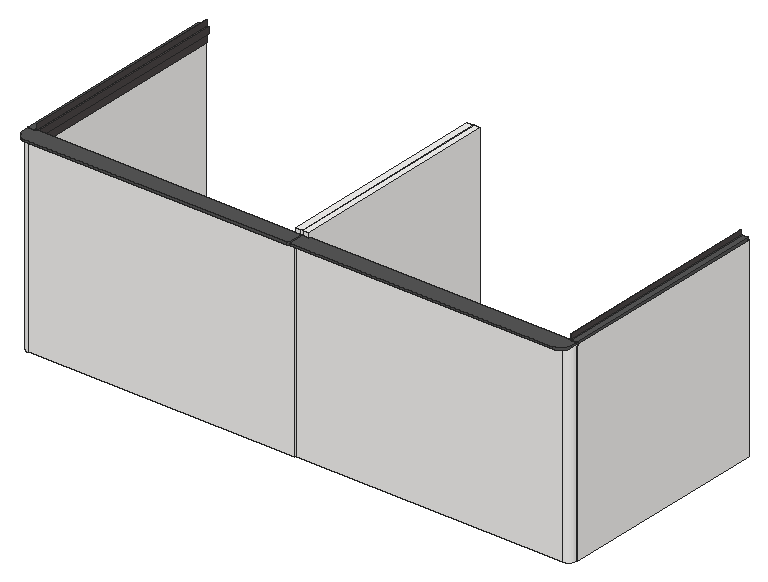
Revit family "vanity unit with 2 drawers for consoles with countertop basin ground", category Furniture, Revit 2019 (continued)
Definition of nested family "vanity unit 1360_550 with 2 drawers for consoles with countertop basin ground-54066670-high gloss white-matt_black-200_c"
  Parameters (values of type "Vanity unit 1360_550 with 2 drawers for consoles with countertop basin ground-54066670-High Gloss White-MATT_BLACK-200_C")
    Model = "Vanity unit 1360/550 with 2 drawers for consoles with countertop basin ground-54066670-High Gloss White-MATT_BLACK-200"
    Manufacturer = "Hansgrohe"
    MASTERFORMAT = "12 35 30.23 | Bathroom Casework"
    LODLEVEL = "200"
    LINA = "Vanity unit 1360/550 with 2 drawers for consoles with countertop basin ground-54066670-High Gloss White-MATT_BLACK-200"
    L = 1360
    IFC = "Furnishing element"
    GTINCODE = "4059625456378"
    ETIM = "EC011381 | Bathroom furniture set"
    Default Elevation = 1219.2 mm
    DESIGN = "Germany"
    ContentVisible [instance] = yes
    CATALOG = "Hansgrohe"
    BIMOBJECT = "Sanitary: Compound units"
    BASENUMBER = "Vanity unit 1360/550 with 2 drawers for consoles with countertop basin ground"
    ARTNR = "54066670"
  Reference planes
    plane 1 "Center (Front/Back)": y = 0
    plane 2: z = 0
    plane 3 "Center (Left/Right)": x = 0
  Forms (mm)
    Extrusion 1, solid, visible <- "ContentVisible", detail levels medium+fine
      sketch origin (0, 0, 0) x (1, 0, 0) y (0, 1, 0)
        loop
          line (-680, 0) -> (-680, -551) -> (680, -551) -> (680, 0) -> (664, 0) -> (664, -117) -> (-664, -117) -> (-664, 0) -> (-680, 0)
      from 0 to 480
    Extrusion 2, solid, visible <- "ContentVisible", detail levels medium+fine
      sketch origin (0, 0, 480) x (1, 0, 0) y (0, 1, 0)
        loop
          line (-678.5, -528.5) -> (-678.5, -571) -> (678.5, -571) -> (678.5, -528.5) -> (-678.5, -528.5)
      from 0 to 5
    Extrusion 3, solid, visible <- "ContentVisible", detail levels medium+fine
      sketch origin (0, 0, 0) x (1, 0, 0) y (0, 0, -1)
        loop
          line (-664, -447) -> (-664, -485) -> (-662.5, -485) -> (-662.5, -447) -> (-664, -447)
      from -528.5 to 0
    Extrusion 4, solid, visible <- "ContentVisible", detail levels medium+fine
      sketch origin (0, 0, 0) x (1, 0, 0) y (0, 0, -1)
        loop
          line (662.5, -446.8) -> (662.5, -485) -> (664, -485) -> (664, -446.8) -> (662.5, -446.8)
      from -528.5 to 0
    Extrusion 5, solid, visible <- "ContentVisible", detail levels medium+fine
      sketch origin (0, 0, 480) x (1, 0, 0) y (0, 1, 0)
        loop
          line (-680, 0) -> (-680, -530) -> (-664, -530) -> (-664, 0) -> (-680, 0)
      from 0 to 5
    Extrusion 6, solid, visible <- "ContentVisible", detail levels medium+fine
      sketch origin (0, 0, 480) x (1, 0, 0) y (0, 1, 0)
        loop
          line (664, 0) -> (664, -530) -> (680, -530) -> (680, 0) -> (664, 0)
      from 0 to 5
    Extrusion 7, solid, visible <- "ContentVisible", detail levels medium+fine
      sketch origin (0, 0, 0) x (1, 0, 0) y (0, 0, -1)
        loop
          line (-662.5, -447) -> (-662.5, -496) -> (-656.4, -496) -> (-656.4, -447) -> (-662.5, -447)
      from -528.5 to 0
    Extrusion 8, solid, visible <- "ContentVisible", detail levels medium+fine
      sketch origin (0, 0, 0) x (1, 0, 0) y (0, 0, -1)
        loop
          line (656.4, -447) -> (656.4, -496) -> (662.5, -496) -> (662.5, -447) -> (656.4, -447)
      from -528.5 to 0
    Extrusion 9, solid, visible <- "ContentVisible", detail levels coarse
      sketch origin (0, -285.5, 0) x (1, 0, 0) y (0, 1, 0)
        loop
          line (-680, -285.5) -> (680, -285.5) -> (680, 285.5) -> (-680, 285.5) -> (-680, -285.5)
      from 0 to 496
  Dimensions and locks
    aligned and locked: level to plane 2
Definition of nested family "vanity unit 1360_550 with 2 drawers for consoles with countertop basin ground-54066700-high gloss white-matt_white-200_c"
  Parameters (values of type "Vanity unit 1360_550 with 2 drawers for consoles with countertop basin ground-54066700-High Gloss White-MATT_WHITE-200_C")
    etim7_EC011381 = "EC011381"
    WEIGHT = "45.1"
    UNSPSC = "56 | Furniture and Furnishings"
    UNIFORMATII = "E2010 | Fixed Furnishings"
    UNICLASS_2015_CODE = "40_30_78_05"
    UNICLASS2015 = "Pr_40_30_78_05 | Bathroom furniture"
    SURFACE = "MATT_WHITE"
    REGIONSET = "Worldwide"
    PRODUCTURL = "https://pro.hansgrohe.com/articledetail--54066000"
    PRODUCTGROUP = "vanity unit"
    PRODUCTFAMILY = "Xelu Q"
    PERMALINK = "54066XXX"
    OMNICLASS = "23-21 19 15 33 13 | Residential Bathroom Specialty Casework"
    OBJECTTYPE = "Object (single object)"
    OBERFLAECHE = "High Gloss White"
    NN = "Vanity Unit with 2 Drawers for consoles with countertop basin ground"
    NBSYN = "$BASENUMBER.-$ARTNR.-$OBERFLAECHE.-$SURFACE.-$LODLEVEL."
    NB = "Vanity unit 1360/550 with 2 drawers for consoles with countertop basin ground-54066700-High Gloss White-MATT_WHITE-200"
    NAME = "Xelu Q Vanity unit High Gloss White 1360/550 with 2 drawers for consoles with countertop basin ground"
    Model = "Vanity unit 1360/550 with 2 drawers for consoles with countertop basin ground-54066700-High Gloss White-MATT_WHITE-200"
    Manufacturer = "Hansgrohe"
    MASTERFORMAT = "12 35 30.23 | Bathroom Casework"
    LODLEVEL = "200"
    LINA = "Vanity unit 1360/550 with 2 drawers for consoles with countertop basin ground-54066700-High Gloss White-MATT_WHITE-200"
    L = 1360
    IFC = "Furnishing element"
    GTINCODE = "4059625456378"
    ETIM = "EC011381 | Bathroom furniture set"
    Default Elevation = 1219.2 mm
    DESIGN = "Germany"
    ContentVisible [instance] = yes
    CATALOG = "Hansgrohe"
    BIMOBJECT = "Sanitary: Compound units"
    BASENUMBER = "Vanity unit 1360/550 with 2 drawers for consoles with countertop basin ground"
    ARTNR = "54066700"
  Reference planes
    plane 1 "Center (Front/Back)": y = 0
    plane 2: z = 0
    plane 3 "Center (Left/Right)": x = 0
  Forms (mm)
    Extrusion 1, solid, visible <- "ContentVisible", detail levels medium+fine
      sketch origin (0, 0, 0) x (1, 0, 0) y (0, 1, 0)
        loop
          line (-680, 0) -> (-680, -551) -> (680, -551) -> (680, 0) -> (664, 0) -> (664, -117) -> (-664, -117) -> (-664, 0) -> (-680, 0)
      from 0 to 480
    Extrusion 2, solid, visible <- "ContentVisible", detail levels medium+fine
      sketch origin (0, 0, 480) x (1, 0, 0) y (0, 1, 0)
        loop
          line (-678.5, -528.5) -> (-678.5, -571) -> (678.5, -571) -> (678.5, -528.5) -> (-678.5, -528.5)
      from 0 to 5
    Extrusion 3, solid, visible <- "ContentVisible", detail levels medium+fine
      sketch origin (0, 0, 0) x (1, 0, 0) y (0, 0, -1)
        loop
          line (-664, -447) -> (-664, -485) -> (-662.5, -485) -> (-662.5, -447) -> (-664, -447)
      from -528.5 to 0
    Extrusion 4, solid, visible <- "ContentVisible", detail levels medium+fine
      sketch origin (0, 0, 0) x (1, 0, 0) y (0, 0, -1)
        loop
          line (662.5, -446.8) -> (662.5, -485) -> (664, -485) -> (664, -446.8) -> (662.5, -446.8)
      from -528.5 to 0
    Extrusion 5, solid, visible <- "ContentVisible", detail levels medium+fine
      sketch origin (0, 0, 480) x (1, 0, 0) y (0, 1, 0)
        loop
          line (-680, 0) -> (-680, -530) -> (-664, -530) -> (-664, 0) -> (-680, 0)
      from 0 to 5
    Extrusion 6, solid, visible <- "ContentVisible", detail levels medium+fine
      sketch origin (0, 0, 480) x (1, 0, 0) y (0, 1, 0)
        loop
          line (664, 0) -> (664, -530) -> (680, -530) -> (680, 0) -> (664, 0)
      from 0 to 5
    Extrusion 7, solid, visible <- "ContentVisible", detail levels medium+fine
      sketch origin (0, 0, 0) x (1, 0, 0) y (0, 0, -1)
        loop
          line (-662.5, -447) -> (-662.5, -496) -> (-656.4, -496) -> (-656.4, -447) -> (-662.5, -447)
      from -528.5 to 0
    Extrusion 8, solid, visible <- "ContentVisible", detail levels medium+fine
      sketch origin (0, 0, 0) x (1, 0, 0) y (0, 0, -1)
        loop
          line (656.4, -447) -> (656.4, -496) -> (662.5, -496) -> (662.5, -447) -> (656.4, -447)
      from -528.5 to 0
    Extrusion 9, solid, visible <- "ContentVisible", detail levels coarse
      sketch origin (0, -285.5, 0) x (1, 0, 0) y (0, 1, 0)
        loop
          line (-680, -285.5) -> (680, -285.5) -> (680, 285.5) -> (-680, 285.5) -> (-680, -285.5)
      from 0 to 496
  Dimensions and locks
    aligned and locked: level to plane 2
Definition of nested family "vanity unit 1360_550 with 2 drawers for consoles with countertop basin ground-54066700-high gloss white-matt_white-400_c"
  Parameters (values of type "Vanity unit 1360_550 with 2 drawers for consoles with countertop basin ground-54066700-High Gloss White-MATT_WHITE-400_C")
    etim7_EC011381 = "EC011381"
    WEIGHT = "45.1"
    UNSPSC = "56 | Furniture and Furnishings"
    UNIFORMATII = "E2010 | Fixed Furnishings"
    UNICLASS_2015_CODE = "40_30_78_05"
    UNICLASS2015 = "Pr_40_30_78_05 | Bathroom furniture"
    SURFACE = "MATT_WHITE"
    REGIONSET = "Worldwide"
    PRODUCTURL = "https://pro.hansgrohe.com/articledetail--54066000"
    PRODUCTGROUP = "vanity unit"
    PRODUCTFAMILY = "Xelu Q"
    PERMALINK = "54066XXX"
    OMNICLASS = "23-21 19 15 33 13 | Residential Bathroom Specialty Casework"
    OBJECTTYPE = "Object (single object)"
    OBERFLAECHE = "High Gloss White"
    NN = "Vanity Unit with 2 Drawers for consoles with countertop basin ground"
    NBSYN = "$BASENUMBER.-$ARTNR.-$OBERFLAECHE.-$SURFACE.-$LODLEVEL."
    NB = "Vanity unit 1360/550 with 2 drawers for consoles with countertop basin ground-54066700-High Gloss White-MATT_WHITE-400"
    NAME = "Xelu Q Vanity unit High Gloss White 1360/550 with 2 drawers for consoles with countertop basin ground"
    Model = "Vanity unit 1360/550 with 2 drawers for consoles with countertop basin ground-54066700-High Gloss White-MATT_WHITE-400"
    Manufacturer = "Hansgrohe"
    MASTERFORMAT = "12 35 30.23 | Bathroom Casework"
    LODLEVEL = "400"
    LINA = "Vanity unit 1360/550 with 2 drawers for consoles with countertop basin ground-54066700-High Gloss White-MATT_WHITE-400"
    L = 1360
    IFC = "Furnishing element"
    GTINCODE = "4059625456378"
    ETIM = "EC011381 | Bathroom furniture set"
    Default Elevation = 1219.2 mm
    DESIGN = "Germany"
    ContentVisible [instance] = yes
    CATALOG = "Hansgrohe"
    BIMOBJECT = "Sanitary: Compound units"
    BASENUMBER = "Vanity unit 1360/550 with 2 drawers for consoles with countertop basin ground"
    ARTNR = "54066700"
  Reference planes
    plane 1 "Center (Front/Back)": y = 0
    plane 2: z = 0
    plane 3 "Center (Left/Right)": x = 0
  Forms (mm)
    Extrusion 1, solid, visible <- "ContentVisible", detail levels medium+fine
      sketch origin (0, 0, 0) x (1, 0, 0) y (0, 1, 0)
        loop
          line (-680, 0) -> (-680, -527)
          arc (-680, -527) -> (-679.121, -529.121) -> (-677, -530) r 3
          line (-677, -530) -> (-664, -530) -> (-664, 0) -> (-680, 0)
      from 0 to 480
    Extrusion 2, solid, visible <- "ContentVisible", detail levels medium+fine
      sketch origin (0, 0, 0) x (1, 0, 0) y (0, 1, 0)
        loop
          line (-664, -133) -> (-664, -499.5) -> (-16, -499.5) -> (-16, -133) -> (-664, -133)
      from 0 to 16
    Extrusion 3, solid, visible <- "ContentVisible", detail levels medium+fine
      sketch origin (0, 0, 0) x (1, 0, 0) y (0, 1, 0)
        loop
          line (-16, 0) -> (-16, -530) -> (-3, -530)
          arc (-3, -530) -> (-0.879, -529.121) -> (0, -527) r 3
          line (0, -527) -> (0, 0) -> (-16, 0)
      from 0 to 496
    Extrusion 4, solid, visible <- "ContentVisible", detail levels medium+fine
      sketch origin (0, 0, 0) x (1, 0, 0) y (0, 1, 0)
        loop
          line (0, 0) -> (0, -527)
          arc (0, -527) -> (0.879, -529.121) -> (3, -530) r 3
          line (3, -530) -> (16, -530) -> (16, 0) -> (0, 0)
      from 0 to 496
    Extrusion 5, solid, visible <- "ContentVisible", detail levels medium+fine
      sketch origin (0, 0, 0) x (1, 0, 0) y (0, 1, 0)
        loop
          line (16, -499.5) -> (664, -499.5) -> (664, -133) -> (16, -133) -> (16, -499.5)
      from 0 to 16
    Extrusion 6, solid, visible <- "ContentVisible", detail levels medium+fine
      sketch origin (0, 0, 0) x (1, 0, 0) y (0, 1, 0)
        loop
          line (664, 0) -> (664, -530) -> (677, -530)
          arc (677, -530) -> (679.121, -529.121) -> (680, -527) r 3
          line (680, -527) -> (680, 0) -> (664, 0)
      from 0 to 480
    Extrusion 7, solid, visible <- "ContentVisible", detail levels medium+fine
      sketch origin (0, 0, 0) x (1, 0, 0) y (0, 1, 0)
        loop
          line (-664, -117) -> (-664, -133) -> (664, -133) -> (664, -117) -> (-664, -117)
      from 0 to 126
    Extrusion 8, solid, visible <- "ContentVisible", detail levels medium+fine
      sketch origin (0, 0, 2) x (1, 0, 0) y (0, 1, 0)
        loop
          arc (-680, -532) -> (-674.435, -545.435) -> (-661, -551) r 19
          line (-661, -551) -> (-2.5, -551)
          arc (-2.5, -551) -> (-1.793, -550.707) -> (-1.5, -550) r 1
          line (-1.5, -550) -> (-1.5, -530) -> (-680, -530) -> (-680, -532)
      from 0 to 478
    Extrusion 9, solid, visible <- "ContentVisible", detail levels medium+fine
      sketch origin (0, 0, 2) x (1, 0, 0) y (0, 1, 0)
        loop
          arc (1.5, -550) -> (1.793, -550.707) -> (2.5, -551) r 1
          line (2.5, -551) -> (661, -551)
          arc (661, -551) -> (674.435, -545.435) -> (680, -532) r 19
          line (680, -532) -> (680, -530) -> (1.5, -530) -> (1.5, -550)
      from 0 to 478
    Extrusion 10, solid, visible <- "ContentVisible", detail levels medium+fine
      sketch origin (0, 0, 480) x (1, 0, 0) y (0, 1, 0)
        loop
          line (-678.5, -530) -> (-678.5, -546)
          arc (-678.5, -546) -> (-671.178, -563.678) -> (-653.5, -571) r 25
          line (-653.5, -571) -> (-4.5, -571)
          arc (-4.5, -571) -> (-2.379, -570.121) -> (-1.5, -568) r 3
          line (-1.5, -568) -> (-1.5, -528.5) -> (-658.5, -528.5) -> (-658.5, -530) -> (-678.5, -530)
      from 0 to 5
    Extrusion 11, solid, visible <- "ContentVisible", detail levels medium+fine
      sketch origin (0, 0, 480) x (1, 0, 0) y (0, 1, 0)
        loop
          arc (1.5, -568) -> (2.379, -570.121) -> (4.5, -571) r 3
          line (4.5, -571) -> (653.5, -571)
          arc (653.5, -571) -> (671.178, -563.678) -> (678.5, -546) r 25
          line (678.5, -546) -> (678.5, -530) -> (658.5, -530) -> (658.5, -528.5) -> (1.5, -528.5) -> (1.5, -568)
      from 0 to 5
    Extrusion 12, solid, visible <- "ContentVisible", detail levels medium+fine
      sketch origin (-1.5, 0, 0) x (0, 0, -1) y (0, 1, 0)
        loop
          line (-480, -528.5) -> (-480, -530) -> (-450, -530) -> (-450, -528.5) -> (-480, -528.5)
      from -664 to 0
    Extrusion 13, solid, visible <- "ContentVisible", detail levels medium+fine
      sketch origin (1.5, 0, 0) x (0, 0, -1) y (0, 1, 0)
        loop
          line (-480, -528.5) -> (-480, -530) -> (-450, -530) -> (-450, -528.5) -> (-480, -528.5)
      from 0 to 664
    Extrusion 14, solid, visible <- "ContentVisible", detail levels medium+fine
      sketch origin (0, 0, 0) x (1, 0, 0) y (0, 0, -1)
        loop
          line (-664, -447) -> (-664, -485) -> (-662.5, -485) -> (-662.5, -447) -> (-664, -447)
      from -528.5 to 0
    Extrusion 15, solid, visible <- "ContentVisible", detail levels medium+fine
      sketch origin (0, 0, 0) x (1, 0, 0) y (0, 0, -1)
        loop
          line (662.5, -446.8) -> (662.5, -485) -> (664, -485) -> (664, -446.8) -> (662.5, -446.8)
      from -528.5 to 0
    Extrusion 16, solid, visible <- "ContentVisible", detail levels medium+fine
      sketch origin (0, 0, 480) x (1, 0, 0) y (0, 1, 0)
        loop
          line (-680, -3) -> (-680, -527)
          arc (-680, -527) -> (-679.121, -529.121) -> (-677, -530) r 3
          line (-677, -530) -> (-664, -530) -> (-664, 0) -> (-677, 0)
          arc (-677, 0) -> (-679.121, -0.879) -> (-680, -3) r 3
      from 0 to 5
    Extrusion 17, solid, visible <- "ContentVisible", detail levels medium+fine
      sketch origin (0, 0, 480) x (1, 0, 0) y (0, 1, 0)
        loop
          line (664, 0) -> (664, -530) -> (677, -530)
          arc (677, -530) -> (679.121, -529.121) -> (680, -527) r 3
          line (680, -527) -> (680, -3)
          arc (680, -3) -> (679.121, -0.879) -> (677, 0) r 3
          line (677, 0) -> (664, 0)
      from 0 to 5
    Extrusion 18, solid, visible <- "ContentVisible", detail levels medium+fine
      sketch origin (0, 0, 0) x (1, 0, 0) y (0, 0, -1)
        loop
          line (-662.5, -447) -> (-662.5, -496) -> (-661, -496) -> (-661, -483) -> (-656.4, -483) -> (-656.4, -468.5) -> (-661, -468.5) -> (-661, -447) -> (-662.5, -447)
      from -525 to 0
    Extrusion 19, solid, visible <- "ContentVisible", detail levels medium+fine
      sketch origin (0, 0, 0) x (1, 0, 0) y (0, 0, -1)
        loop
          line (656.4, -468.5) -> (656.4, -483) -> (661, -483) -> (661, -496) -> (662.5, -496) -> (662.5, -447) -> (661, -447) -> (661, -468.5) -> (656.4, -468.5)
      from -525 to 0
    Extrusion 20, solid, visible <- "ContentVisible", detail levels medium+fine
      sketch origin (0, 0, 0) x (0, 0, -1) y (0, 1, 0)
        loop
          line (-440, -477) -> (-440, -493) -> (-366, -493) -> (-366, -477) -> (-440, -477)
      from -664 to 664
    Extrusion 21, solid, visible <- "ContentVisible", detail levels coarse
      sketch origin (0, -285.5, 0) x (1, 0, 0) y (0, 1, 0)
        loop
          line (-680, -285.5) -> (680, -285.5) -> (680, 285.5) -> (-680, 285.5) -> (-680, -285.5)
      from 0 to 496
  Dimensions and locks
    aligned and locked: level to plane 2
Definition of nested family "vanity unit 1360_550 with 2 drawers for consoles with countertop basin ground-54067000-diamond matt grey-chrome-200_cont"
  Parameters (values of type "Vanity unit 1360_550 with 2 drawers for consoles with countertop basin ground-54067000-Diamond Matt Grey-CHROME-200_Cont")
    etim7_EC011381 = "EC011381"
    WEIGHT = "45.1"
    UNSPSC = "56 | Furniture and Furnishings"
    UNIFORMATII = "E2010 | Fixed Furnishings"
    UNICLASS_2015_CODE = "40_30_78_05"
    UNICLASS2015 = "Pr_40_30_78_05 | Bathroom furniture"
    SURFACE = "CHROME"
    REGIONSET = "Worldwide"
    PRODUCTURL = "https://pro.hansgrohe.com/articledetail--54067000"
    PRODUCTGROUP = "vanity unit"
    PRODUCTFAMILY = "Xelu Q"
    PERMALINK = "54067XXX"
    OMNICLASS = "23-21 19 15 33 13 | Residential Bathroom Specialty Casework"
    OBJECTTYPE = "Object (single object)"
    OBERFLAECHE = "Diamond Matt Grey"
    NN = "Vanity Unit with 2 Drawers for consoles with countertop basin ground"
    NBSYN = "$BASENUMBER.-$ARTNR.-$OBERFLAECHE.-$SURFACE.-$LODLEVEL."
    NB = "Vanity unit 1360/550 with 2 drawers for consoles with countertop basin ground-54067000-Diamond Matt Grey-CHROME-200"
    NAME = "Xelu Q Vanity unit Diamond Matt Grey 1360/550 with 2 drawers for consoles with countertop basin ground"
    Model = "Vanity unit 1360/550 with 2 drawers for consoles with countertop basin ground-54067000-Diamond Matt Grey-CHROME-200"
    Manufacturer = "Hansgrohe"
    MASTERFORMAT = "12 35 30.23 | Bathroom Casework"
    LODLEVEL = "200"
    LINA = "Vanity unit 1360/550 with 2 drawers for consoles with countertop basin ground-54067000-Diamond Matt Grey-CHROME-200"
    L = 1360
    IFC = "Furnishing element"
    GTINCODE = "4059625456347"
    ETIM = "EC011381 | Bathroom furniture set"
    Default Elevation = 1219.2 mm
    DESIGN = "Germany"
    ContentVisible [instance] = yes
    CATALOG = "Hansgrohe"
    BIMOBJECT = "Sanitary: Compound units"
    BASENUMBER = "Vanity unit 1360/550 with 2 drawers for consoles with countertop basin ground"
    ARTNR = "54067000"
  Reference planes
    plane 1 "Center (Front/Back)": y = 0
    plane 2: z = 0
    plane 3 "Center (Left/Right)": x = 0
  Forms (mm)
    Extrusion 1, solid, visible <- "ContentVisible", detail levels medium+fine
      sketch origin (0, 0, 0) x (1, 0, 0) y (0, 1, 0)
        loop
          line (-680, 0) -> (-680, -551) -> (680, -551) -> (680, 0) -> (664, 0) -> (664, -117) -> (-664, -117) -> (-664, 0) -> (-680, 0)
      from 0 to 480
    Extrusion 2, solid, visible <- "ContentVisible", detail levels medium+fine
      sketch origin (0, 0, 480) x (1, 0, 0) y (0, 1, 0)
        loop
          line (-678.5, -528.5) -> (-678.5, -571) -> (678.5, -571) -> (678.5, -528.5) -> (-678.5, -528.5)
      from 0 to 5
    Extrusion 3, solid, visible <- "ContentVisible", detail levels medium+fine
      sketch origin (0, 0, 0) x (1, 0, 0) y (0, 0, -1)
        loop
          line (-664, -447) -> (-664, -485) -> (-662.5, -485) -> (-662.5, -447) -> (-664, -447)
      from -528.5 to 0
    Extrusion 4, solid, visible <- "ContentVisible", detail levels medium+fine
      sketch origin (0, 0, 0) x (1, 0, 0) y (0, 0, -1)
        loop
          line (662.5, -446.8) -> (662.5, -485) -> (664, -485) -> (664, -446.8) -> (662.5, -446.8)
      from -528.5 to 0
    Extrusion 5, solid, visible <- "ContentVisible", detail levels medium+fine
      sketch origin (0, 0, 480) x (1, 0, 0) y (0, 1, 0)
        loop
          line (-680, 0) -> (-680, -530) -> (-664, -530) -> (-664, 0) -> (-680, 0)
      from 0 to 5
    Extrusion 6, solid, visible <- "ContentVisible", detail levels medium+fine
      sketch origin (0, 0, 480) x (1, 0, 0) y (0, 1, 0)
        loop
          line (664, 0) -> (664, -530) -> (680, -530) -> (680, 0) -> (664, 0)
      from 0 to 5
    Extrusion 7, solid, visible <- "ContentVisible", detail levels medium+fine
      sketch origin (0, 0, 0) x (1, 0, 0) y (0, 0, -1)
        loop
          line (-662.5, -447) -> (-662.5, -496) -> (-656.4, -496) -> (-656.4, -447) -> (-662.5, -447)
      from -528.5 to 0
    Extrusion 8, solid, visible <- "ContentVisible", detail levels medium+fine
      sketch origin (0, 0, 0) x (1, 0, 0) y (0, 0, -1)
        loop
          line (656.4, -447) -> (656.4, -496) -> (662.5, -496) -> (662.5, -447) -> (656.4, -447)
      from -528.5 to 0
    Extrusion 9, solid, visible <- "ContentVisible", detail levels coarse
      sketch origin (0, -285.5, 0) x (1, 0, 0) y (0, 1, 0)
        loop
          line (-680, -285.5) -> (680, -285.5) -> (680, 285.5) -> (-680, 285.5) -> (-680, -285.5)
      from 0 to 496
  Dimensions and locks
    aligned and locked: level to plane 2
Definition of nested family "vanity unit 1360_550 with 2 drawers for consoles with countertop basin ground-54067000-diamond matt grey-chrome-400_cont"
  Parameters (values of type "Vanity unit 1360_550 with 2 drawers for consoles with countertop basin ground-54067000-Diamond Matt Grey-CHROME-400_Cont")
    etim7_EC011381 = "EC011381"
    WEIGHT = "45.1"
    UNSPSC = "56 | Furniture and Furnishings"
    UNIFORMATII = "E2010 | Fixed Furnishings"
    UNICLASS_2015_CODE = "40_30_78_05"
    UNICLASS2015 = "Pr_40_30_78_05 | Bathroom furniture"
    SURFACE = "CHROME"
    REGIONSET = "Worldwide"
    PRODUCTURL = "https://pro.hansgrohe.com/articledetail--54067000"
    PRODUCTGROUP = "vanity unit"
    PRODUCTFAMILY = "Xelu Q"
    PERMALINK = "54067XXX"
    OMNICLASS = "23-21 19 15 33 13 | Residential Bathroom Specialty Casework"
    OBJECTTYPE = "Object (single object)"
    OBERFLAECHE = "Diamond Matt Grey"
    NN = "Vanity Unit with 2 Drawers for consoles with countertop basin ground"
    NBSYN = "$BASENUMBER.-$ARTNR.-$OBERFLAECHE.-$SURFACE.-$LODLEVEL."
    NB = "Vanity unit 1360/550 with 2 drawers for consoles with countertop basin ground-54067000-Diamond Matt Grey-CHROME-400"
    NAME = "Xelu Q Vanity unit Diamond Matt Grey 1360/550 with 2 drawers for consoles with countertop basin ground"
    Model = "Vanity unit 1360/550 with 2 drawers for consoles with countertop basin ground-54067000-Diamond Matt Grey-CHROME-400"
    Manufacturer = "Hansgrohe"
    MASTERFORMAT = "12 35 30.23 | Bathroom Casework"
    LODLEVEL = "400"
    LINA = "Vanity unit 1360/550 with 2 drawers for consoles with countertop basin ground-54067000-Diamond Matt Grey-CHROME-400"
    L = 1360
    IFC = "Furnishing element"
    GTINCODE = "4059625456347"
    ETIM = "EC011381 | Bathroom furniture set"
    Default Elevation = 1219.2 mm
    DESIGN = "Germany"
    ContentVisible [instance] = yes
    CATALOG = "Hansgrohe"
    BIMOBJECT = "Sanitary: Compound units"
    BASENUMBER = "Vanity unit 1360/550 with 2 drawers for consoles with countertop basin ground"
    ARTNR = "54067000"
  Reference planes
    plane 1 "Center (Front/Back)": y = 0
    plane 2: z = 0
    plane 3 "Center (Left/Right)": x = 0
  Forms (mm)
    Extrusion 1, solid, visible <- "ContentVisible", detail levels medium+fine
      sketch origin (0, 0, 0) x (1, 0, 0) y (0, 1, 0)
        loop
          line (-680, 0) -> (-680, -527)
          arc (-680, -527) -> (-679.121, -529.121) -> (-677, -530) r 3
          line (-677, -530) -> (-664, -530) -> (-664, 0) -> (-680, 0)
      from 0 to 480
    Extrusion 2, solid, visible <- "ContentVisible", detail levels medium+fine
      sketch origin (0, 0, 0) x (1, 0, 0) y (0, 1, 0)
        loop
          line (-664, -133) -> (-664, -499.5) -> (-16, -499.5) -> (-16, -133) -> (-664, -133)
      from 0 to 16
    Extrusion 3, solid, visible <- "ContentVisible", detail levels medium+fine
      sketch origin (0, 0, 0) x (1, 0, 0) y (0, 1, 0)
        loop
          line (-16, 0) -> (-16, -530) -> (-3, -530)
          arc (-3, -530) -> (-0.879, -529.121) -> (0, -527) r 3
          line (0, -527) -> (0, 0) -> (-16, 0)
      from 0 to 496
    Extrusion 4, solid, visible <- "ContentVisible", detail levels medium+fine
      sketch origin (0, 0, 0) x (1, 0, 0) y (0, 1, 0)
        loop
          line (0, 0) -> (0, -527)
          arc (0, -527) -> (0.879, -529.121) -> (3, -530) r 3
          line (3, -530) -> (16, -530) -> (16, 0) -> (0, 0)
      from 0 to 496
    Extrusion 5, solid, visible <- "ContentVisible", detail levels medium+fine
      sketch origin (0, 0, 0) x (1, 0, 0) y (0, 1, 0)
        loop
          line (16, -499.5) -> (664, -499.5) -> (664, -133) -> (16, -133) -> (16, -499.5)
      from 0 to 16
    Extrusion 6, solid, visible <- "ContentVisible", detail levels medium+fine
      sketch origin (0, 0, 0) x (1, 0, 0) y (0, 1, 0)
        loop
          line (664, 0) -> (664, -530) -> (677, -530)
          arc (677, -530) -> (679.121, -529.121) -> (680, -527) r 3
          line (680, -527) -> (680, 0) -> (664, 0)
      from 0 to 480
    Extrusion 7, solid, visible <- "ContentVisible", detail levels medium+fine
      sketch origin (0, 0, 0) x (1, 0, 0) y (0, 1, 0)
        loop
          line (-664, -117) -> (-664, -133) -> (664, -133) -> (664, -117) -> (-664, -117)
      from 0 to 126
    Extrusion 8, solid, visible <- "ContentVisible", detail levels medium+fine
      sketch origin (0, 0, 2) x (1, 0, 0) y (0, 1, 0)
        loop
          arc (-680, -532) -> (-674.435, -545.435) -> (-661, -551) r 19
          line (-661, -551) -> (-2.5, -551)
          arc (-2.5, -551) -> (-1.793, -550.707) -> (-1.5, -550) r 1
          line (-1.5, -550) -> (-1.5, -530) -> (-680, -530) -> (-680, -532)
      from 0 to 478
    Extrusion 9, solid, visible <- "ContentVisible", detail levels medium+fine
      sketch origin (0, 0, 2) x (1, 0, 0) y (0, 1, 0)
        loop
          arc (1.5, -550) -> (1.793, -550.707) -> (2.5, -551) r 1
          line (2.5, -551) -> (661, -551)
          arc (661, -551) -> (674.435, -545.435) -> (680, -532) r 19
          line (680, -532) -> (680, -530) -> (1.5, -530) -> (1.5, -550)
      from 0 to 478
    Extrusion 10, solid, visible <- "ContentVisible", detail levels medium+fine
      sketch origin (0, 0, 480) x (1, 0, 0) y (0, 1, 0)
        loop
          line (-678.5, -530) -> (-678.5, -546)
          arc (-678.5, -546) -> (-671.178, -563.678) -> (-653.5, -571) r 25
          line (-653.5, -571) -> (-4.5, -571)
          arc (-4.5, -571) -> (-2.379, -570.121) -> (-1.5, -568) r 3
          line (-1.5, -568) -> (-1.5, -528.5) -> (-658.5, -528.5) -> (-658.5, -530) -> (-678.5, -530)
      from 0 to 5
    Extrusion 11, solid, visible <- "ContentVisible", detail levels medium+fine
      sketch origin (0, 0, 480) x (1, 0, 0) y (0, 1, 0)
        loop
          arc (1.5, -568) -> (2.379, -570.121) -> (4.5, -571) r 3
          line (4.5, -571) -> (653.5, -571)
          arc (653.5, -571) -> (671.178, -563.678) -> (678.5, -546) r 25
          line (678.5, -546) -> (678.5, -530) -> (658.5, -530) -> (658.5, -528.5) -> (1.5, -528.5) -> (1.5, -568)
      from 0 to 5
    Extrusion 12, solid, visible <- "ContentVisible", detail levels medium+fine
      sketch origin (-1.5, 0, 0) x (0, 0, -1) y (0, 1, 0)
        loop
          line (-480, -528.5) -> (-480, -530) -> (-450, -530) -> (-450, -528.5) -> (-480, -528.5)
      from -664 to 0
    Extrusion 13, solid, visible <- "ContentVisible", detail levels medium+fine
      sketch origin (1.5, 0, 0) x (0, 0, -1) y (0, 1, 0)
        loop
          line (-480, -528.5) -> (-480, -530) -> (-450, -530) -> (-450, -528.5) -> (-480, -528.5)
      from 0 to 664
    Extrusion 14, solid, visible <- "ContentVisible", detail levels medium+fine
      sketch origin (0, 0, 0) x (1, 0, 0) y (0, 0, -1)
        loop
          line (-664, -447) -> (-664, -485) -> (-662.5, -485) -> (-662.5, -447) -> (-664, -447)
      from -528.5 to 0
    Extrusion 15, solid, visible <- "ContentVisible", detail levels medium+fine
      sketch origin (0, 0, 0) x (1, 0, 0) y (0, 0, -1)
        loop
          line (662.5, -446.8) -> (662.5, -485) -> (664, -485) -> (664, -446.8) -> (662.5, -446.8)
      from -528.5 to 0
    Extrusion 16, solid, visible <- "ContentVisible", detail levels medium+fine
      sketch origin (0, 0, 480) x (1, 0, 0) y (0, 1, 0)
        loop
          line (-680, -3) -> (-680, -527)
          arc (-680, -527) -> (-679.121, -529.121) -> (-677, -530) r 3
          line (-677, -530) -> (-664, -530) -> (-664, 0) -> (-677, 0)
          arc (-677, 0) -> (-679.121, -0.879) -> (-680, -3) r 3
      from 0 to 5
    Extrusion 17, solid, visible <- "ContentVisible", detail levels medium+fine
      sketch origin (0, 0, 480) x (1, 0, 0) y (0, 1, 0)
        loop
          line (664, 0) -> (664, -530) -> (677, -530)
          arc (677, -530) -> (679.121, -529.121) -> (680, -527) r 3
          line (680, -527) -> (680, -3)
          arc (680, -3) -> (679.121, -0.879) -> (677, 0) r 3
          line (677, 0) -> (664, 0)
      from 0 to 5
    Extrusion 18, solid, visible <- "ContentVisible", detail levels medium+fine
      sketch origin (0, 0, 0) x (1, 0, 0) y (0, 0, -1)
        loop
          line (-662.5, -447) -> (-662.5, -496) -> (-661, -496) -> (-661, -483) -> (-656.4, -483) -> (-656.4, -468.5) -> (-661, -468.5) -> (-661, -447) -> (-662.5, -447)
      from -525 to 0
    Extrusion 19, solid, visible <- "ContentVisible", detail levels medium+fine
      sketch origin (0, 0, 0) x (1, 0, 0) y (0, 0, -1)
        loop
          line (656.4, -468.5) -> (656.4, -483) -> (661, -483) -> (661, -496) -> (662.5, -496) -> (662.5, -447) -> (661, -447) -> (661, -468.5) -> (656.4, -468.5)
      from -525 to 0
    Extrusion 20, solid, visible <- "ContentVisible", detail levels medium+fine
      sketch origin (0, 0, 0) x (0, 0, -1) y (0, 1, 0)
        loop
          line (-440, -477) -> (-440, -493) -> (-366, -493) -> (-366, -477) -> (-440, -477)
      from -664 to 664
    Extrusion 21, solid, visible <- "ContentVisible", detail levels coarse
      sketch origin (0, -285.5, 0) x (1, 0, 0) y (0, 1, 0)
        loop
          line (-680, -285.5) -> (680, -285.5) -> (680, 285.5) -> (-680, 285.5) -> (-680, -285.5)
      from 0 to 496
  Dimensions and locks
    aligned and locked: level to plane 2
Definition of nested family "vanity unit 1360_550 with 2 drawers for consoles with countertop basin ground-54067670-diamond matt grey-matt_black-200_"
  Parameters (values of type "Vanity unit 1360_550 with 2 drawers for consoles with countertop basin ground-54067670-Diamond Matt Grey-MATT_BLACK-200_")
    etim7_EC011381 = "EC011381"
    WEIGHT = "45.1"
    UNSPSC = "56 | Furniture and Furnishings"
    UNIFORMATII = "E2010 | Fixed Furnishings"
    UNICLASS_2015_CODE = "40_30_78_05"
    UNICLASS2015 = "Pr_40_30_78_05 | Bathroom furniture"
    SURFACE = "MATT_BLACK"
    REGIONSET = "Worldwide"
    PRODUCTURL = "https://pro.hansgrohe.com/articledetail--54067000"
    PRODUCTGROUP = "vanity unit"
    PRODUCTFAMILY = "Xelu Q"
    PERMALINK = "54067XXX"
    OMNICLASS = "23-21 19 15 33 13 | Residential Bathroom Specialty Casework"
    OBJECTTYPE = "Object (single object)"
    OBERFLAECHE = "Diamond Matt Grey"
    NN = "Vanity Unit with 2 Drawers for consoles with countertop basin ground"
    NBSYN = "$BASENUMBER.-$ARTNR.-$OBERFLAECHE.-$SURFACE.-$LODLEVEL."
    NB = "Vanity unit 1360/550 with 2 drawers for consoles with countertop basin ground-54067670-Diamond Matt Grey-MATT_BLACK-200"
    NAME = "Xelu Q Vanity unit Diamond Matt Grey 1360/550 with 2 drawers for consoles with countertop basin ground"
    Model = "Vanity unit 1360/550 with 2 drawers for consoles with countertop basin ground-54067670-Diamond Matt Grey-MATT_BLACK-200"
    Manufacturer = "Hansgrohe"
    MASTERFORMAT = "12 35 30.23 | Bathroom Casework"
    LODLEVEL = "200"
    LINA = "Vanity unit 1360/550 with 2 drawers for consoles with countertop basin ground-54067670-Diamond Matt Grey-MATT_BLACK-200"
    L = 1360
    IFC = "Furnishing element"
    GTINCODE = "4059625456347"
    ETIM = "EC011381 | Bathroom furniture set"
    Default Elevation = 1219.2 mm
    DESIGN = "Germany"
    ContentVisible [instance] = yes
    CATALOG = "Hansgrohe"
    BIMOBJECT = "Sanitary: Compound units"
    BASENUMBER = "Vanity unit 1360/550 with 2 drawers for consoles with countertop basin ground"
    ARTNR = "54067670"
  Reference planes
    plane 1 "Center (Front/Back)": y = 0
    plane 2: z = 0
    plane 3 "Center (Left/Right)": x = 0
  Forms (mm)
    Extrusion 1, solid, visible <- "ContentVisible", detail levels medium+fine
      sketch origin (0, 0, 0) x (1, 0, 0) y (0, 1, 0)
        loop
          line (-680, 0) -> (-680, -551) -> (680, -551) -> (680, 0) -> (664, 0) -> (664, -117) -> (-664, -117) -> (-664, 0) -> (-680, 0)
      from 0 to 480
    Extrusion 2, solid, visible <- "ContentVisible", detail levels medium+fine
      sketch origin (0, 0, 480) x (1, 0, 0) y (0, 1, 0)
        loop
          line (-678.5, -528.5) -> (-678.5, -571) -> (678.5, -571) -> (678.5, -528.5) -> (-678.5, -528.5)
      from 0 to 5
    Extrusion 3, solid, visible <- "ContentVisible", detail levels medium+fine
      sketch origin (0, 0, 0) x (1, 0, 0) y (0, 0, -1)
        loop
          line (-664, -447) -> (-664, -485) -> (-662.5, -485) -> (-662.5, -447) -> (-664, -447)
      from -528.5 to 0
    Extrusion 4, solid, visible <- "ContentVisible", detail levels medium+fine
      sketch origin (0, 0, 0) x (1, 0, 0) y (0, 0, -1)
        loop
          line (662.5, -446.8) -> (662.5, -485) -> (664, -485) -> (664, -446.8) -> (662.5, -446.8)
      from -528.5 to 0
    Extrusion 5, solid, visible <- "ContentVisible", detail levels medium+fine
      sketch origin (0, 0, 480) x (1, 0, 0) y (0, 1, 0)
        loop
          line (-680, 0) -> (-680, -530) -> (-664, -530) -> (-664, 0) -> (-680, 0)
      from 0 to 5
    Extrusion 6, solid, visible <- "ContentVisible", detail levels medium+fine
      sketch origin (0, 0, 480) x (1, 0, 0) y (0, 1, 0)
        loop
          line (664, 0) -> (664, -530) -> (680, -530) -> (680, 0) -> (664, 0)
      from 0 to 5
    Extrusion 7, solid, visible <- "ContentVisible", detail levels medium+fine
      sketch origin (0, 0, 0) x (1, 0, 0) y (0, 0, -1)
        loop
          line (-662.5, -447) -> (-662.5, -496) -> (-656.4, -496) -> (-656.4, -447) -> (-662.5, -447)
      from -528.5 to 0
    Extrusion 8, solid, visible <- "ContentVisible", detail levels medium+fine
      sketch origin (0, 0, 0) x (1, 0, 0) y (0, 0, -1)
        loop
          line (656.4, -447) -> (656.4, -496) -> (662.5, -496) -> (662.5, -447) -> (656.4, -447)
      from -528.5 to 0
    Extrusion 9, solid, visible <- "ContentVisible", detail levels coarse
      sketch origin (0, -285.5, 0) x (1, 0, 0) y (0, 1, 0)
        loop
          line (-680, -285.5) -> (680, -285.5) -> (680, 285.5) -> (-680, 285.5) -> (-680, -285.5)
      from 0 to 496
  Dimensions and locks
    aligned and locked: level to plane 2
Definition of nested family "vanity unit 1360_550 with 2 drawers for consoles with countertop basin ground-54067670-diamond matt grey-matt_black-400_"
  Parameters (values of type "Vanity unit 1360_550 with 2 drawers for consoles with countertop basin ground-54067670-Diamond Matt Grey-MATT_BLACK-400_")
    etim7_EC011381 = "EC011381"
    WEIGHT = "45.1"
    UNSPSC = "56 | Furniture and Furnishings"
    UNIFORMATII = "E2010 | Fixed Furnishings"
    UNICLASS_2015_CODE = "40_30_78_05"
    UNICLASS2015 = "Pr_40_30_78_05 | Bathroom furniture"
    SURFACE = "MATT_BLACK"
    REGIONSET = "Worldwide"
    PRODUCTURL = "https://pro.hansgrohe.com/articledetail--54067000"
    PRODUCTGROUP = "vanity unit"
    PRODUCTFAMILY = "Xelu Q"
    PERMALINK = "54067XXX"
    OMNICLASS = "23-21 19 15 33 13 | Residential Bathroom Specialty Casework"
    OBJECTTYPE = "Object (single object)"
    OBERFLAECHE = "Diamond Matt Grey"
    NN = "Vanity Unit with 2 Drawers for consoles with countertop basin ground"
    NBSYN = "$BASENUMBER.-$ARTNR.-$OBERFLAECHE.-$SURFACE.-$LODLEVEL."
    NB = "Vanity unit 1360/550 with 2 drawers for consoles with countertop basin ground-54067670-Diamond Matt Grey-MATT_BLACK-400"
    NAME = "Xelu Q Vanity unit Diamond Matt Grey 1360/550 with 2 drawers for consoles with countertop basin ground"
    Model = "Vanity unit 1360/550 with 2 drawers for consoles with countertop basin ground-54067670-Diamond Matt Grey-MATT_BLACK-400"
    Manufacturer = "Hansgrohe"
    MASTERFORMAT = "12 35 30.23 | Bathroom Casework"
    LODLEVEL = "400"
    LINA = "Vanity unit 1360/550 with 2 drawers for consoles with countertop basin ground-54067670-Diamond Matt Grey-MATT_BLACK-400"
    L = 1360
    IFC = "Furnishing element"
    GTINCODE = "4059625456347"
    ETIM = "EC011381 | Bathroom furniture set"
    Default Elevation = 1219.2 mm
    DESIGN = "Germany"
    ContentVisible [instance] = yes
    CATALOG = "Hansgrohe"
    BIMOBJECT = "Sanitary: Compound units"
    BASENUMBER = "Vanity unit 1360/550 with 2 drawers for consoles with countertop basin ground"
    ARTNR = "54067670"
  Reference planes
    plane 1 "Center (Front/Back)": y = 0
    plane 2: z = 0
    plane 3 "Center (Left/Right)": x = 0
  Forms (mm)
    Extrusion 1, solid, visible <- "ContentVisible", detail levels medium+fine
      sketch origin (0, 0, 0) x (1, 0, 0) y (0, 1, 0)
        loop
          line (-680, 0) -> (-680, -527)
          arc (-680, -527) -> (-679.121, -529.121) -> (-677, -530) r 3
          line (-677, -530) -> (-664, -530) -> (-664, 0) -> (-680, 0)
      from 0 to 480
    Extrusion 2, solid, visible <- "ContentVisible", detail levels medium+fine
      sketch origin (0, 0, 0) x (1, 0, 0) y (0, 1, 0)
        loop
          line (-664, -133) -> (-664, -499.5) -> (-16, -499.5) -> (-16, -133) -> (-664, -133)
      from 0 to 16
    Extrusion 3, solid, visible <- "ContentVisible", detail levels medium+fine
      sketch origin (0, 0, 0) x (1, 0, 0) y (0, 1, 0)
        loop
          line (-16, 0) -> (-16, -530) -> (-3, -530)
          arc (-3, -530) -> (-0.879, -529.121) -> (0, -527) r 3
          line (0, -527) -> (0, 0) -> (-16, 0)
      from 0 to 496
    Extrusion 4, solid, visible <- "ContentVisible", detail levels medium+fine
      sketch origin (0, 0, 0) x (1, 0, 0) y (0, 1, 0)
        loop
          line (0, 0) -> (0, -527)
          arc (0, -527) -> (0.879, -529.121) -> (3, -530) r 3
          line (3, -530) -> (16, -530) -> (16, 0) -> (0, 0)
      from 0 to 496
    Extrusion 5, solid, visible <- "ContentVisible", detail levels medium+fine
      sketch origin (0, 0, 0) x (1, 0, 0) y (0, 1, 0)
        loop
          line (16, -499.5) -> (664, -499.5) -> (664, -133) -> (16, -133) -> (16, -499.5)
      from 0 to 16
    Extrusion 6, solid, visible <- "ContentVisible", detail levels medium+fine
      sketch origin (0, 0, 0) x (1, 0, 0) y (0, 1, 0)
        loop
          line (664, 0) -> (664, -530) -> (677, -530)
          arc (677, -530) -> (679.121, -529.121) -> (680, -527) r 3
          line (680, -527) -> (680, 0) -> (664, 0)
      from 0 to 480
    Extrusion 7, solid, visible <- "ContentVisible", detail levels medium+fine
      sketch origin (0, 0, 0) x (1, 0, 0) y (0, 1, 0)
        loop
          line (-664, -117) -> (-664, -133) -> (664, -133) -> (664, -117) -> (-664, -117)
      from 0 to 126
    Extrusion 8, solid, visible <- "ContentVisible", detail levels medium+fine
      sketch origin (0, 0, 2) x (1, 0, 0) y (0, 1, 0)
        loop
          arc (-680, -532) -> (-674.435, -545.435) -> (-661, -551) r 19
          line (-661, -551) -> (-2.5, -551)
          arc (-2.5, -551) -> (-1.793, -550.707) -> (-1.5, -550) r 1
          line (-1.5, -550) -> (-1.5, -530) -> (-680, -530) -> (-680, -532)
      from 0 to 478
    Extrusion 9, solid, visible <- "ContentVisible", detail levels medium+fine
      sketch origin (0, 0, 2) x (1, 0, 0) y (0, 1, 0)
        loop
          arc (1.5, -550) -> (1.793, -550.707) -> (2.5, -551) r 1
          line (2.5, -551) -> (661, -551)
          arc (661, -551) -> (674.435, -545.435) -> (680, -532) r 19
          line (680, -532) -> (680, -530) -> (1.5, -530) -> (1.5, -550)
      from 0 to 478
    Extrusion 10, solid, visible <- "ContentVisible", detail levels medium+fine
      sketch origin (0, 0, 480) x (1, 0, 0) y (0, 1, 0)
        loop
          line (-678.5, -530) -> (-678.5, -546)
          arc (-678.5, -546) -> (-671.178, -563.678) -> (-653.5, -571) r 25
          line (-653.5, -571) -> (-4.5, -571)
          arc (-4.5, -571) -> (-2.379, -570.121) -> (-1.5, -568) r 3
          line (-1.5, -568) -> (-1.5, -528.5) -> (-658.5, -528.5) -> (-658.5, -530) -> (-678.5, -530)
      from 0 to 5
    Extrusion 11, solid, visible <- "ContentVisible", detail levels medium+fine
      sketch origin (0, 0, 480) x (1, 0, 0) y (0, 1, 0)
        loop
          arc (1.5, -568) -> (2.379, -570.121) -> (4.5, -571) r 3
          line (4.5, -571) -> (653.5, -571)
          arc (653.5, -571) -> (671.178, -563.678) -> (678.5, -546) r 25
          line (678.5, -546) -> (678.5, -530) -> (658.5, -530) -> (658.5, -528.5) -> (1.5, -528.5) -> (1.5, -568)
      from 0 to 5
    Extrusion 12, solid, visible <- "ContentVisible", detail levels medium+fine
      sketch origin (-1.5, 0, 0) x (0, 0, -1) y (0, 1, 0)
        loop
          line (-480, -528.5) -> (-480, -530) -> (-450, -530) -> (-450, -528.5) -> (-480, -528.5)
      from -664 to 0
    Extrusion 13, solid, visible <- "ContentVisible", detail levels medium+fine
      sketch origin (1.5, 0, 0) x (0, 0, -1) y (0, 1, 0)
        loop
          line (-480, -528.5) -> (-480, -530) -> (-450, -530) -> (-450, -528.5) -> (-480, -528.5)
      from 0 to 664
    Extrusion 14, solid, visible <- "ContentVisible", detail levels medium+fine
      sketch origin (0, 0, 0) x (1, 0, 0) y (0, 0, -1)
        loop
          line (-664, -447) -> (-664, -485) -> (-662.5, -485) -> (-662.5, -447) -> (-664, -447)
      from -528.5 to 0
    Extrusion 15, solid, visible <- "ContentVisible", detail levels medium+fine
      sketch origin (0, 0, 0) x (1, 0, 0) y (0, 0, -1)
        loop
          line (662.5, -446.8) -> (662.5, -485) -> (664, -485) -> (664, -446.8) -> (662.5, -446.8)
      from -528.5 to 0
    Extrusion 16, solid, visible <- "ContentVisible", detail levels medium+fine
      sketch origin (0, 0, 480) x (1, 0, 0) y (0, 1, 0)
        loop
          line (-680, -3) -> (-680, -527)
          arc (-680, -527) -> (-679.121, -529.121) -> (-677, -530) r 3
          line (-677, -530) -> (-664, -530) -> (-664, 0) -> (-677, 0)
          arc (-677, 0) -> (-679.121, -0.879) -> (-680, -3) r 3
      from 0 to 5
    Extrusion 17, solid, visible <- "ContentVisible", detail levels medium+fine
      sketch origin (0, 0, 480) x (1, 0, 0) y (0, 1, 0)
        loop
          line (664, 0) -> (664, -530) -> (677, -530)
          arc (677, -530) -> (679.121, -529.121) -> (680, -527) r 3
          line (680, -527) -> (680, -3)
          arc (680, -3) -> (679.121, -0.879) -> (677, 0) r 3
          line (677, 0) -> (664, 0)
      from 0 to 5
    Extrusion 18, solid, visible <- "ContentVisible", detail levels medium+fine
      sketch origin (0, 0, 0) x (1, 0, 0) y (0, 0, -1)
        loop
          line (-662.5, -447) -> (-662.5, -496) -> (-661, -496) -> (-661, -483) -> (-656.4, -483) -> (-656.4, -468.5) -> (-661, -468.5) -> (-661, -447) -> (-662.5, -447)
      from -525 to 0
    Extrusion 19, solid, visible <- "ContentVisible", detail levels medium+fine
      sketch origin (0, 0, 0) x (1, 0, 0) y (0, 0, -1)
        loop
          line (656.4, -468.5) -> (656.4, -483) -> (661, -483) -> (661, -496) -> (662.5, -496) -> (662.5, -447) -> (661, -447) -> (661, -468.5) -> (656.4, -468.5)
      from -525 to 0
    Extrusion 20, solid, visible <- "ContentVisible", detail levels medium+fine
      sketch origin (0, 0, 0) x (0, 0, -1) y (0, 1, 0)
        loop
          line (-440, -477) -> (-440, -493) -> (-366, -493) -> (-366, -477) -> (-440, -477)
      from -664 to 664
    Extrusion 21, solid, visible <- "ContentVisible", detail levels coarse
      sketch origin (0, -285.5, 0) x (1, 0, 0) y (0, 1, 0)
        loop
          line (-680, -285.5) -> (680, -285.5) -> (680, 285.5) -> (-680, 285.5) -> (-680, -285.5)
      from 0 to 496
  Dimensions and locks
    aligned and locked: level to plane 2
Definition of nested family "vanity unit 1360_550 with 2 drawers for consoles with countertop basin ground-54067700-diamond matt grey-matt_white-200_"
  Parameters (values of type "Vanity unit 1360_550 with 2 drawers for consoles with countertop basin ground-54067700-Diamond Matt Grey-MATT_WHITE-200_")
    etim7_EC011381 = "EC011381"
    WEIGHT = "45.1"
    UNSPSC = "56 | Furniture and Furnishings"
    UNIFORMATII = "E2010 | Fixed Furnishings"
    UNICLASS_2015_CODE = "40_30_78_05"
    UNICLASS2015 = "Pr_40_30_78_05 | Bathroom furniture"
    SURFACE = "MATT_WHITE"
    REGIONSET = "Worldwide"
    PRODUCTURL = "https://pro.hansgrohe.com/articledetail--54067000"
    PRODUCTGROUP = "vanity unit"
    PRODUCTFAMILY = "Xelu Q"
    PERMALINK = "54067XXX"
    OMNICLASS = "23-21 19 15 33 13 | Residential Bathroom Specialty Casework"
    OBJECTTYPE = "Object (single object)"
    OBERFLAECHE = "Diamond Matt Grey"
    NN = "Vanity Unit with 2 Drawers for consoles with countertop basin ground"
    NBSYN = "$BASENUMBER.-$ARTNR.-$OBERFLAECHE.-$SURFACE.-$LODLEVEL."
    NB = "Vanity unit 1360/550 with 2 drawers for consoles with countertop basin ground-54067700-Diamond Matt Grey-MATT_WHITE-200"
    NAME = "Xelu Q Vanity unit Diamond Matt Grey 1360/550 with 2 drawers for consoles with countertop basin ground"
    Model = "Vanity unit 1360/550 with 2 drawers for consoles with countertop basin ground-54067700-Diamond Matt Grey-MATT_WHITE-200"
    Manufacturer = "Hansgrohe"
    MASTERFORMAT = "12 35 30.23 | Bathroom Casework"
    LODLEVEL = "200"
    LINA = "Vanity unit 1360/550 with 2 drawers for consoles with countertop basin ground-54067700-Diamond Matt Grey-MATT_WHITE-200"
    L = 1360
    IFC = "Furnishing element"
    GTINCODE = "4059625456347"
    ETIM = "EC011381 | Bathroom furniture set"
    Default Elevation = 1219.2 mm
    DESIGN = "Germany"
    ContentVisible [instance] = yes
    CATALOG = "Hansgrohe"
    BIMOBJECT = "Sanitary: Compound units"
    BASENUMBER = "Vanity unit 1360/550 with 2 drawers for consoles with countertop basin ground"
    ARTNR = "54067700"
  Reference planes
    plane 1 "Center (Front/Back)": y = 0
    plane 2: z = 0
    plane 3 "Center (Left/Right)": x = 0
  Forms (mm)
    Extrusion 1, solid, visible <- "ContentVisible", detail levels medium+fine
      sketch origin (0, 0, 0) x (1, 0, 0) y (0, 1, 0)
        loop
          line (-680, 0) -> (-680, -551) -> (680, -551) -> (680, 0) -> (664, 0) -> (664, -117) -> (-664, -117) -> (-664, 0) -> (-680, 0)
      from 0 to 480
    Extrusion 2, solid, visible <- "ContentVisible", detail levels medium+fine
      sketch origin (0, 0, 480) x (1, 0, 0) y (0, 1, 0)
        loop
          line (-678.5, -528.5) -> (-678.5, -571) -> (678.5, -571) -> (678.5, -528.5) -> (-678.5, -528.5)
      from 0 to 5
    Extrusion 3, solid, visible <- "ContentVisible", detail levels medium+fine
      sketch origin (0, 0, 0) x (1, 0, 0) y (0, 0, -1)
        loop
          line (-664, -447) -> (-664, -485) -> (-662.5, -485) -> (-662.5, -447) -> (-664, -447)
      from -528.5 to 0
    Extrusion 4, solid, visible <- "ContentVisible", detail levels medium+fine
      sketch origin (0, 0, 0) x (1, 0, 0) y (0, 0, -1)
        loop
          line (662.5, -446.8) -> (662.5, -485) -> (664, -485) -> (664, -446.8) -> (662.5, -446.8)
      from -528.5 to 0
    Extrusion 5, solid, visible <- "ContentVisible", detail levels medium+fine
      sketch origin (0, 0, 480) x (1, 0, 0) y (0, 1, 0)
        loop
          line (-680, 0) -> (-680, -530) -> (-664, -530) -> (-664, 0) -> (-680, 0)
      from 0 to 5
    Extrusion 6, solid, visible <- "ContentVisible", detail levels medium+fine
      sketch origin (0, 0, 480) x (1, 0, 0) y (0, 1, 0)
        loop
          line (664, 0) -> (664, -530) -> (680, -530) -> (680, 0) -> (664, 0)
      from 0 to 5
    Extrusion 7, solid, visible <- "ContentVisible", detail levels medium+fine
      sketch origin (0, 0, 0) x (1, 0, 0) y (0, 0, -1)
        loop
          line (-662.5, -447) -> (-662.5, -496) -> (-656.4, -496) -> (-656.4, -447) -> (-662.5, -447)
      from -528.5 to 0
    Extrusion 8, solid, visible <- "ContentVisible", detail levels medium+fine
      sketch origin (0, 0, 0) x (1, 0, 0) y (0, 0, -1)
        loop
          line (656.4, -447) -> (656.4, -496) -> (662.5, -496) -> (662.5, -447) -> (656.4, -447)
      from -528.5 to 0
    Extrusion 9, solid, visible <- "ContentVisible", detail levels coarse
      sketch origin (0, -285.5, 0) x (1, 0, 0) y (0, 1, 0)
        loop
          line (-680, -285.5) -> (680, -285.5) -> (680, 285.5) -> (-680, 285.5) -> (-680, -285.5)
      from 0 to 496
  Dimensions and locks
    aligned and locked: level to plane 2
Definition of nested family "vanity unit 1360_550 with 2 drawers for consoles with countertop basin ground-54067700-diamond matt grey-matt_white-400_"
  Parameters (values of type "Vanity unit 1360_550 with 2 drawers for consoles with countertop basin ground-54067700-Diamond Matt Grey-MATT_WHITE-400_")
    etim7_EC011381 = "EC011381"
    WEIGHT = "45.1"
    UNSPSC = "56 | Furniture and Furnishings"
    UNIFORMATII = "E2010 | Fixed Furnishings"
    UNICLASS_2015_CODE = "40_30_78_05"
    UNICLASS2015 = "Pr_40_30_78_05 | Bathroom furniture"
    SURFACE = "MATT_WHITE"
    REGIONSET = "Worldwide"
    PRODUCTURL = "https://pro.hansgrohe.com/articledetail--54067000"
    PRODUCTGROUP = "vanity unit"
    PRODUCTFAMILY = "Xelu Q"
    PERMALINK = "54067XXX"
    OMNICLASS = "23-21 19 15 33 13 | Residential Bathroom Specialty Casework"
    OBJECTTYPE = "Object (single object)"
    OBERFLAECHE = "Diamond Matt Grey"
    NN = "Vanity Unit with 2 Drawers for consoles with countertop basin ground"
    NBSYN = "$BASENUMBER.-$ARTNR.-$OBERFLAECHE.-$SURFACE.-$LODLEVEL."
    NB = "Vanity unit 1360/550 with 2 drawers for consoles with countertop basin ground-54067700-Diamond Matt Grey-MATT_WHITE-400"
    NAME = "Xelu Q Vanity unit Diamond Matt Grey 1360/550 with 2 drawers for consoles with countertop basin ground"
    Model = "Vanity unit 1360/550 with 2 drawers for consoles with countertop basin ground-54067700-Diamond Matt Grey-MATT_WHITE-400"
    Manufacturer = "Hansgrohe"
    MASTERFORMAT = "12 35 30.23 | Bathroom Casework"
    LODLEVEL = "400"
    LINA = "Vanity unit 1360/550 with 2 drawers for consoles with countertop basin ground-54067700-Diamond Matt Grey-MATT_WHITE-400"
    L = 1360
    IFC = "Furnishing element"
    GTINCODE = "4059625456347"
    ETIM = "EC011381 | Bathroom furniture set"
    Default Elevation = 1219.2 mm
    DESIGN = "Germany"
    ContentVisible [instance] = yes
    CATALOG = "Hansgrohe"
    BIMOBJECT = "Sanitary: Compound units"
    BASENUMBER = "Vanity unit 1360/550 with 2 drawers for consoles with countertop basin ground"
    ARTNR = "54067700"
  Reference planes
    plane 1 "Center (Front/Back)": y = 0
    plane 2: z = 0
    plane 3 "Center (Left/Right)": x = 0
  Forms (mm)
    Extrusion 1, solid, visible <- "ContentVisible", detail levels medium+fine
      sketch origin (0, 0, 0) x (1, 0, 0) y (0, 1, 0)
        loop
          line (-680, 0) -> (-680, -527)
          arc (-680, -527) -> (-679.121, -529.121) -> (-677, -530) r 3
          line (-677, -530) -> (-664, -530) -> (-664, 0) -> (-680, 0)
      from 0 to 480
    Extrusion 2, solid, visible <- "ContentVisible", detail levels medium+fine
      sketch origin (0, 0, 0) x (1, 0, 0) y (0, 1, 0)
        loop
          line (-664, -133) -> (-664, -499.5) -> (-16, -499.5) -> (-16, -133) -> (-664, -133)
      from 0 to 16
    Extrusion 3, solid, visible <- "ContentVisible", detail levels medium+fine
      sketch origin (0, 0, 0) x (1, 0, 0) y (0, 1, 0)
        loop
          line (-16, 0) -> (-16, -530) -> (-3, -530)
          arc (-3, -530) -> (-0.879, -529.121) -> (0, -527) r 3
          line (0, -527) -> (0, 0) -> (-16, 0)
      from 0 to 496
    Extrusion 4, solid, visible <- "ContentVisible", detail levels medium+fine
      sketch origin (0, 0, 0) x (1, 0, 0) y (0, 1, 0)
        loop
          line (0, 0) -> (0, -527)
          arc (0, -527) -> (0.879, -529.121) -> (3, -530) r 3
          line (3, -530) -> (16, -530) -> (16, 0) -> (0, 0)
      from 0 to 496
    Extrusion 5, solid, visible <- "ContentVisible", detail levels medium+fine
      sketch origin (0, 0, 0) x (1, 0, 0) y (0, 1, 0)
        loop
          line (16, -499.5) -> (664, -499.5) -> (664, -133) -> (16, -133) -> (16, -499.5)
      from 0 to 16
    Extrusion 6, solid, visible <- "ContentVisible", detail levels medium+fine
      sketch origin (0, 0, 0) x (1, 0, 0) y (0, 1, 0)
        loop
          line (664, 0) -> (664, -530) -> (677, -530)
          arc (677, -530) -> (679.121, -529.121) -> (680, -527) r 3
          line (680, -527) -> (680, 0) -> (664, 0)
      from 0 to 480
    Extrusion 7, solid, visible <- "ContentVisible", detail levels medium+fine
      sketch origin (0, 0, 0) x (1, 0, 0) y (0, 1, 0)
        loop
          line (-664, -117) -> (-664, -133) -> (664, -133) -> (664, -117) -> (-664, -117)
      from 0 to 126
    Extrusion 8, solid, visible <- "ContentVisible", detail levels medium+fine
      sketch origin (0, 0, 2) x (1, 0, 0) y (0, 1, 0)
        loop
          arc (-680, -532) -> (-674.435, -545.435) -> (-661, -551) r 19
          line (-661, -551) -> (-2.5, -551)
          arc (-2.5, -551) -> (-1.793, -550.707) -> (-1.5, -550) r 1
          line (-1.5, -550) -> (-1.5, -530) -> (-680, -530) -> (-680, -532)
      from 0 to 478
    Extrusion 9, solid, visible <- "ContentVisible", detail levels medium+fine
      sketch origin (0, 0, 2) x (1, 0, 0) y (0, 1, 0)
        loop
          arc (1.5, -550) -> (1.793, -550.707) -> (2.5, -551) r 1
          line (2.5, -551) -> (661, -551)
          arc (661, -551) -> (674.435, -545.435) -> (680, -532) r 19
          line (680, -532) -> (680, -530) -> (1.5, -530) -> (1.5, -550)
      from 0 to 478
    Extrusion 10, solid, visible <- "ContentVisible", detail levels medium+fine
      sketch origin (0, 0, 480) x (1, 0, 0) y (0, 1, 0)
        loop
          line (-678.5, -530) -> (-678.5, -546)
          arc (-678.5, -546) -> (-671.178, -563.678) -> (-653.5, -571) r 25
          line (-653.5, -571) -> (-4.5, -571)
          arc (-4.5, -571) -> (-2.379, -570.121) -> (-1.5, -568) r 3
          line (-1.5, -568) -> (-1.5, -528.5) -> (-658.5, -528.5) -> (-658.5, -530) -> (-678.5, -530)
      from 0 to 5
    Extrusion 11, solid, visible <- "ContentVisible", detail levels medium+fine
      sketch origin (0, 0, 480) x (1, 0, 0) y (0, 1, 0)
        loop
          arc (1.5, -568) -> (2.379, -570.121) -> (4.5, -571) r 3
          line (4.5, -571) -> (653.5, -571)
          arc (653.5, -571) -> (671.178, -563.678) -> (678.5, -546) r 25
          line (678.5, -546) -> (678.5, -530) -> (658.5, -530) -> (658.5, -528.5) -> (1.5, -528.5) -> (1.5, -568)
      from 0 to 5
    Extrusion 12, solid, visible <- "ContentVisible", detail levels medium+fine
      sketch origin (-1.5, 0, 0) x (0, 0, -1) y (0, 1, 0)
        loop
          line (-480, -528.5) -> (-480, -530) -> (-450, -530) -> (-450, -528.5) -> (-480, -528.5)
      from -664 to 0
    Extrusion 13, solid, visible <- "ContentVisible", detail levels medium+fine
      sketch origin (1.5, 0, 0) x (0, 0, -1) y (0, 1, 0)
        loop
          line (-480, -528.5) -> (-480, -530) -> (-450, -530) -> (-450, -528.5) -> (-480, -528.5)
      from 0 to 664
    Extrusion 14, solid, visible <- "ContentVisible", detail levels medium+fine
      sketch origin (0, 0, 0) x (1, 0, 0) y (0, 0, -1)
        loop
          line (-664, -447) -> (-664, -485) -> (-662.5, -485) -> (-662.5, -447) -> (-664, -447)
      from -528.5 to 0
    Extrusion 15, solid, visible <- "ContentVisible", detail levels medium+fine
      sketch origin (0, 0, 0) x (1, 0, 0) y (0, 0, -1)
        loop
          line (662.5, -446.8) -> (662.5, -485) -> (664, -485) -> (664, -446.8) -> (662.5, -446.8)
      from -528.5 to 0
    Extrusion 16, solid, visible <- "ContentVisible", detail levels medium+fine
      sketch origin (0, 0, 480) x (1, 0, 0) y (0, 1, 0)
        loop
          line (-680, -3) -> (-680, -527)
          arc (-680, -527) -> (-679.121, -529.121) -> (-677, -530) r 3
          line (-677, -530) -> (-664, -530) -> (-664, 0) -> (-677, 0)
          arc (-677, 0) -> (-679.121, -0.879) -> (-680, -3) r 3
      from 0 to 5
    Extrusion 17, solid, visible <- "ContentVisible", detail levels medium+fine
      sketch origin (0, 0, 480) x (1, 0, 0) y (0, 1, 0)
        loop
          line (664, 0) -> (664, -530) -> (677, -530)
          arc (677, -530) -> (679.121, -529.121) -> (680, -527) r 3
          line (680, -527) -> (680, -3)
          arc (680, -3) -> (679.121, -0.879) -> (677, 0) r 3
          line (677, 0) -> (664, 0)
      from 0 to 5
    Extrusion 18, solid, visible <- "ContentVisible", detail levels medium+fine
      sketch origin (0, 0, 0) x (1, 0, 0) y (0, 0, -1)
        loop
          line (-662.5, -447) -> (-662.5, -496) -> (-661, -496) -> (-661, -483) -> (-656.4, -483) -> (-656.4, -468.5) -> (-661, -468.5) -> (-661, -447) -> (-662.5, -447)
      from -525 to 0
